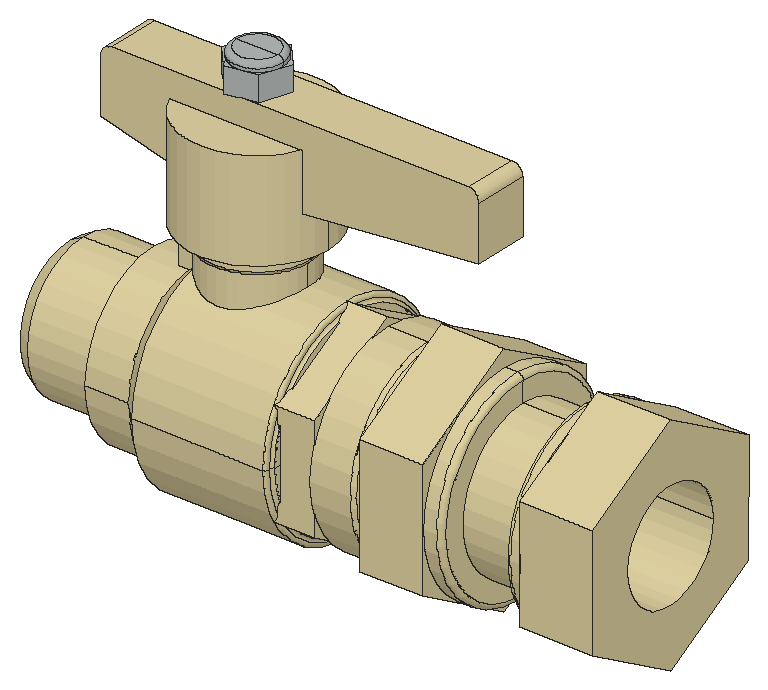
Revit family "QD00020000", category Apparecchi idraulici, Revit 2020
Family settings
  Quota connettore circolare = Usa diametro
  Tipo di parte = Normale
  Numero OmniClass = 23.45.00.00
  Titolo OmniClass = Sanitary, Laundry, and Cleaning Equipment
  Basato su piano di lavoro = No
  Sempre verticale = Sì
  Taglio con vuoti quando caricato = No
  Condiviso = No
  Punto di calcolo locali = No
Parameters
  URL = "https://web.cimberio.it/index.php/figura/990?subcategoria_id=43717"
  Temperatura di esercizio = "-20 ÷ 90°C"
  Prospetto di default = 0 mm
  Produttore = "CIMBERIO SPA"
  Pressione nominale = "PN 25"
  Modello = "Cim 199OT"
  Materiale = "Prodotto in lega di ottone conforme alla norma EN 12165-CW617N-DW"
  Descrizione = "Utilizzato nei più svariati settori dell'impiantistica: reti di distribuzione acqua potabile, impianti di riscaldamento, condizionamento, igienico-sanitari e in generale con ogni fluido non corrosivo."
  DN Model [instance] = QD00022133 : QD00022133
  DN [instance] = 20 mm
  Commenti sul tipo = "Realizzato in ottemperanza ai requisiti gestionali della norma EN ISO 9001.Collaudato al 100% secondo la normativa EN 12266-1"
Reference planes
  plane 1 "Centro (Fronte/Retro)": y = 0
  plane 2: z = 0
  plane 3 "Centro (Sinistra/Destra)": x = 0
Dimensions and locks
  aligned and locked: level to plane 2
Nested families
  nested 1: "QD00022133" at (0, 0, 0), type <- "DN Model", type "QD00022133"
  nested 2: "QD00022133" at (0, 0, 0), type <- "DN Model", type "QD00022133"
  nested 3: "QD00022133" at (0, 0, 0), type <- "DN Model", type "QD00022133"
  nested 4: "QD00022133" at (0, 0, 0), type <- "DN Model", type "QD00022133"
Connectors
  piping at (76.4, 0, 0), diameter 20, driven by "DN"
    settings: on nested 1, index 1, connector inside diameter 609.6 mm, connector length 0 mm, flow factor 0, pipe flow 0.0 L/s, pressure drop 0.0 Pa, fitting loss kfactor 0, connector angle 0.00°, fixture units 0, engagement length 0 mm, angle of deflection 0.00°, flow configuration 0, flow direction 0, fitting loss method 0, system type 7, joint type 0, gender type 0, connector reference index -1, connector utility 0, adjustable connector no, is connector primary yes, connector description ""
  piping at (-34.5, 0, 0), diameter 20, driven by "DN"
    settings: on nested 1, index 2, connector inside diameter 609.6 mm, connector length 0 mm, flow factor 0, pipe flow 0.0 L/s, pressure drop 0.0 Pa, fitting loss kfactor 0, connector angle 0.00°, fixture units 0, engagement length 0 mm, angle of deflection 0.00°, flow configuration 0, flow direction 0, fitting loss method 0, system type 7, joint type 0, gender type 0, connector reference index -1, connector utility 0, adjustable connector no, is connector primary no, connector description ""
Definition of nested family "QD00022133"
  Parameters (values of type "QD00022133")
    Default Elevation = 0 mm
  Reference planes
    plane 1 "Centro (Fronte/Retro)": y = 0
    plane 2: z = 0
    plane 3 "Centro (Sinistra/Destra)": x = 0
  Forms (mm)
    Revolve 1, solid
      sketch origin (0, 0, 0) x (1, 0, 0) y (0, 1, 0)
        loop
          line (-19, 10) -> (17.609, 10) -> (17.609, 18)
          arc (17.609, 18) -> (17.199, 18.241) -> (17.097, 18.705) r 0.594
          arc (17.097, 18.705) -> (17.006, 19.201) -> (16.6, 19.5) r 0.685
          line (16.6, 19.5) -> (-7.6, 19.5) -> (-11, 16.1) -> (-19, 16.1) -> (-19, 10)
        axis (-19, 0) -> (17.609, 0)
      angle from 0 to 360
    Extrusion 2, solid
      sketch origin (0, 0, 0) x (0, 1, 0) y (0, 0, 1)
        loop
          line (0, 19.5) -> (-16.887, 9.75) -> (-16.887, -9.75) -> (0, -19.5) -> (16.887, -9.75) -> (16.887, 9.75) -> (0, 19.5)
        loop
          circle (0, 0) r 10
      from 16.6 to 24.1
    Revolve 3, solid
      sketch origin (0, 0, 0) x (1, 0, 0) y (0, 0, 1)
        loop
          line (24.1, 10) -> (34.1, 10) -> (34.1, 17.5) -> (32.217, 17.5) -> (31.6, 18) -> (24.1, 18) -> (24.1, 10)
        axis (24.1, 0) -> (34.1, 0)
      angle from 0 to 360
    Extrusion 4, solid
      sketch origin (0, 0, 0) x (0, 1, 0) y (0, 0, 1)
        loop
          circle (0, 0) r 10
        loop
          line (0, 21.8) -> (-18.879, 10.9) -> (-18.879, -10.9) -> (0, -21.8) -> (18.879, -10.9) -> (18.879, 10.9) -> (0, 21.8)
      from 34.1 to 45.6
    Revolve 5, solid
      sketch origin (0, 0, 0) x (1, 0, 0) y (0, 0, 1)
        loop
          line (45.6, 10) -> (62.9, 10) -> (62.9, 18) -> (61.114, 18)
          arc (61.114, 18) -> (60.667, 17.879) -> (60.4, 17.5) r 0.681
          line (60.4, 17.5) -> (60.4, 14) -> (49.1, 14) -> (49.1, 17.75)
          arc (49.1, 17.75) -> (48.807, 18.457) -> (48.1, 18.75) r 1
          line (48.1, 18.75) -> (45.6, 18.75) -> (45.6, 10)
        axis (45.6, 0) -> (62.9, 0)
      angle from 0 to 360
    Extrusion 6, solid
      sketch origin (0, 0, 0) x (0, 1, 0) y (0, 0, 1)
        loop
          circle (0, 0) r 10
        loop
          line (0, 20.75) -> (-17.97, 10.375) -> (-17.97, -10.375) -> (0, -20.75) -> (17.97, -10.375) -> (17.97, 10.375) -> (0, 20.75)
      from 62.9 to 76.4
    Revolve 7, solid
      sketch origin (0, 0, 0) x (1, 0, 0) y (0, 0, 1)
        loop
          line (0, 31.3) -> (-9.887, 31.3) -> (-9.887, 24)
          arc (-9.887, 24) -> (-9.744, 23.606) -> (-9.381, 23.397) r 0.612
          line (-9.381, 23.397) -> (-9.381, 12.734) -> (0, 12.734) -> (0, 31.3)
        axis (0, 31.3) -> (0, 12.734)
      angle from 0 to 360
    Extrusion 8, solid
      sketch origin (0, 0, 0) x (1, 0, 0) y (0, 0, 1)
        loop
          line (-15, 31.3) -> (-15, 24) -> (-13, 22.845) -> (-13, 12.845) -> (-7.035, 12.845) -> (-7.035, 31.3) -> (-15, 31.3)
      from 0 to 1.981
    Revolve 9, solid
      sketch origin (0, 0, 0) x (1, 0, 0) y (0, 0, 1)
        loop
          line (0, 32.8) -> (-8.3, 32.8) -> (-8.3, 31.3) -> (0, 31.3) -> (0, 32.8)
        axis (0, 32.8) -> (0, 31.3)
      angle from 0 to 360
    Revolve 10, solid
      sketch origin (0, 0, 0) x (1, 0, 0) y (0, 0, 1)
        loop
          line (10.545, 26.8) -> (13.134, 26.8) -> (13.134, 45.125) -> (0, 45.125) -> (0, 37.89) -> (10.545, 37.89) -> (10.545, 26.8)
        axis (0, 45.125) -> (0, 26.8)
      angle from 0 to 360
    Extrusion 11, solid
      sketch origin (0, 0, 0) x (1, 0, 0) y (0, 0, 1)
        loop
          line (-25, 37.83) -> (-12.266, 34.434) -> (11.043, 34.434) -> (45, 37.83) -> (45, 47.83)
          arc (45, 47.83) -> (44.414, 49.244) -> (43, 49.83) r 2
          line (43, 49.83) -> (-23, 49.83)
          arc (-23, 49.83) -> (-24.414, 49.244) -> (-25, 47.83) r 2
          line (-25, 47.83) -> (-25, 37.83)
      from -5 to 5
    Extrusion 12, solid
      sketch origin (0, 0, 0) x (1, 0, 0) y (0, 1, 0)
        loop
          line (1.88, 5.461) -> (-3.789, 4.359) -> (-5.669, -1.102) -> (-1.88, -5.461) -> (3.789, -4.359) -> (5.669, 1.102) -> (1.88, 5.461)
      from 49.8 to 54.3
    Revolve 13, solid
      sketch origin (0, 0, 0) x (1, 0, 0) y (0, 0, 1)
        loop
          line (3.75, 55.8) -> (0, 55.8) -> (0, 53.912) -> (4.75, 53.912) -> (4.75, 54.8)
          arc (4.75, 54.8) -> (4.457, 55.507) -> (3.75, 55.8) r 1
        axis (0, 55.8) -> (0, 53.912)
      angle from 0 to 360
    Revolve 14, solid
      sketch origin (0, 0, 0) x (1, 0, 0) y (0, 0, 1)
        loop
          line (-34.5, 10) -> (-19, 10) -> (-19, 13.114) -> (-32.018, 13.114) -> (-34.5, 11.682) -> (-34.5, 10)
        axis (-34.5, 0) -> (-19, 0)
      angle from 0 to 360
  Dimensions and locks
    aligned and locked: level to plane 2
